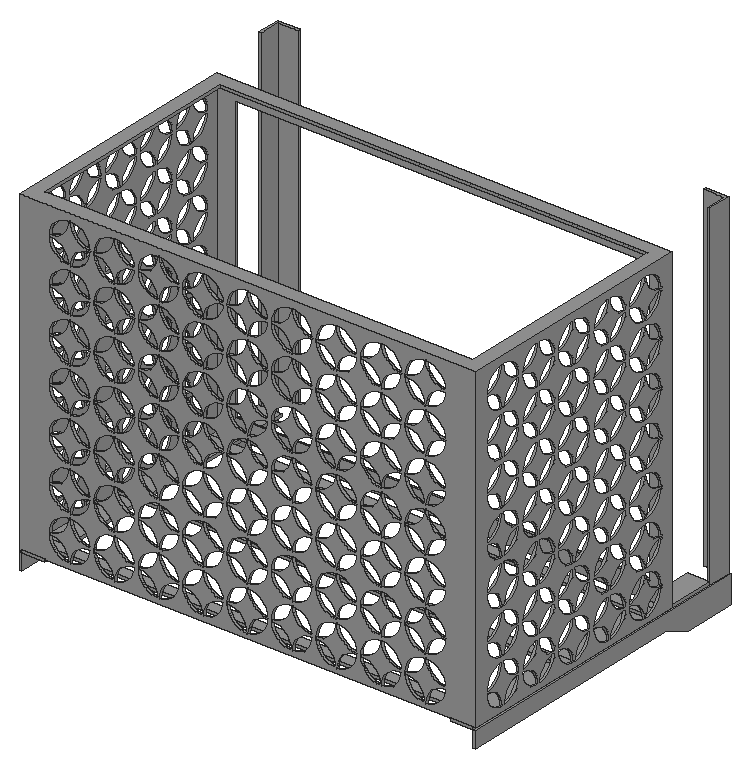
Revit family "22863 Корзина для кондиционера «Парадигма» Хоббика", category Антураж, Revit 2018
Family settings
  На основе рабочей плоскости = Нет
  Всегда вертикально = Да
  При загрузке вырезать с полостями = Нет
  Источник визуального образа = Геометрия семейства
  Общий = Нет
  Точка расчета площади = Нет
Parameters (values of type "Корзина для кондиционера «Парадигма»")
  Ширина = 700 mm  # constant formula
  Цвет каркаса = Сталь
  Описание = "Корзина для кондиционера «Парадигма»"  # constant formula
  Материал изделия = "Сталь"  # constant formula
  Изображение типоразмера = Корзина для кондиционера «Парадигма» Арт 22863.jpg
  Изготовитель = "ООО «Хоббика»"  # constant formula
  Длина = 1000 mm  # constant formula
  Группа модели = "Корзины для кондиционеров"  # constant formula
  Высота = 800 mm  # constant formula
  Артикул товара = "Арт. 22863"  # constant formula
  URL = "https://hobbyka.ru/product/korzina_dlya_konditsionera_paradigma/"
Reference planes
  plane 1 "По центру (Вперед/Назад)": y = 0
  plane 2: z = 0
  plane 3 "По центру (Влево/Вправо)": x = 0
  plane 4: x = 1000
  plane 5: y = 700
  plane 6: z = 800
Forms (mm)
  Extrusion 1, solid, material "Сталь" <- "Цвет каркаса"
    sketch origin (0, 0, 0) x (1, 0, 0) y (0, 1, 0)
      loop
        line (5, 700) -> (5, 650) -> (10, 650) -> (10, 695) -> (55, 695) -> (55, 700) -> (5, 700)
      loop
        line (995, 700) -> (945, 700) -> (945, 695) -> (990, 695) -> (990, 650) -> (995, 650) -> (995, 700)
    from 60 to 800
  Extrusion 2, solid, material "Сталь" <- "Цвет каркаса"
    sketch origin (0, 0, 60) x (0, 1, 0) y (0, 0, 1)
      loop
        line (700, 0) -> (0, 0) -> (0, -35) -> (525, -35) -> (585, -60) -> (700, -60) -> (700, 0)
    from 0 to 5
  Extrusion 3, solid, material "Сталь" <- "Цвет каркаса"
    sketch origin (0, 0, 60) x (0, 1, 0) y (0, 0, 1)
      loop
        line (700, 0) -> (0, 0) -> (0, -35) -> (525, -35) -> (585, -60) -> (700, -60) -> (700, 0)
    from 995 to 1000
  Extrusion 4, solid, material "Сталь" <- "Цвет каркаса"
    sketch origin (0, 0, 65) x (1, 0, 0) y (0, 0, 1)
      loop
        line (5, 0) -> (5, -5) -> (55, -5) -> (55, 0) -> (5, 0)
      loop
        line (945, 0) -> (945, -5) -> (995, -5) -> (995, 0) -> (945, 0)
    from 0 to -650
  Extrusion 5, solid, material "Сталь" <- "Цвет каркаса"
    sketch origin (0, 0, 0) x (1, 0, 0) y (0, 1, 0)
      loop
        line (0, 540) -> (0, 0) -> (1000, 0) -> (1000, 540) -> (0, 540)
      loop
        line (5, 535) -> (5, 5) -> (995, 5) -> (995, 535) -> (5, 535)
    from 65 to 765
  Extrusion 6, solid, material "Сталь" <- "Цвет каркаса"
    sketch origin (0, 0, 65) x (1, 0, 0) y (0, 1, 0)
      loop
        line (5, 510) -> (5, 485) -> (995, 485) -> (995, 510) -> (5, 510)
    from 0 to 5
  Extrusion 7, solid, material "Сталь" <- "Цвет каркаса"
    sketch origin (0, -455, 65) x (1, 0, 0) y (0, 1, 0)
      loop
        line (5, 510) -> (5, 485) -> (995, 485) -> (995, 510) -> (5, 510)
    from 0 to 5
  Extrusion 8, solid, material "Сталь" <- "Цвет каркаса"
    sketch origin (0, -227.5, 65) x (1, 0, 0) y (0, 1, 0)
      loop
        line (5, 510) -> (5, 485) -> (995, 485) -> (995, 510) -> (5, 510)
    from 0 to 5
  Extrusion 9, solid, material "Сталь" <- "Цвет каркаса"
    sketch origin (0, 0, 0) x (1, 0, 0) y (0, 1, 0)
      loop
        line (5, 535) -> (5, 5) -> (995, 5) -> (995, 535) -> (5, 535)
      loop
        line (30, 510) -> (30, 30) -> (970, 30) -> (970, 510) -> (30, 510)
    from 760 to 765
  Extrusion 10, void
    sketch origin (0, 0, 0) x (1, 0, 0) y (0, 0, 1)
      loop
        line (45, 728.309) -> (45, 104.644) -> (955, 104.644) -> (955, 728.309) -> (45, 728.309)
    from -540 to -535
  Extrusion 11, void
    sketch origin (0, 0, 0) x (0, 1, 0) y (0, 0, 1)
      loop
        arc (465.426, 749.962) -> (478.463, 718.489) -> (509.936, 705.452) r 44.51
        arc (509.936, 705.452) -> (496.763, 736.789) -> (465.426, 749.962) r 44.984
      loop
        arc (509.926, 704.07) -> (478.811, 691.181) -> (465.923, 660.067) r 44.003
        arc (465.923, 660.067) -> (496.749, 673.244) -> (509.926, 704.07) r 45.03
      loop
        arc (464.077, 660.064) -> (451.189, 691.179) -> (420.074, 704.068) r 44.003
        arc (420.074, 704.068) -> (433.225, 673.215) -> (464.077, 660.064) r 44.933
      loop
        arc (464.081, 749.951) -> (433.263, 736.765) -> (420.078, 705.948) r 45.06
        arc (420.078, 705.948) -> (451.193, 718.836) -> (464.081, 749.951) r 44.003
      loop
        arc (367.926, 749.962) -> (380.963, 718.489) -> (412.436, 705.452) r 44.51
        arc (412.436, 705.452) -> (399.263, 736.789) -> (367.926, 749.962) r 44.984
      loop
        arc (412.426, 704.07) -> (381.311, 691.181) -> (368.423, 660.067) r 44.003
        arc (368.423, 660.067) -> (399.249, 673.244) -> (412.426, 704.07) r 45.03
      loop
        arc (366.577, 660.064) -> (353.689, 691.179) -> (322.574, 704.068) r 44.003
        arc (322.574, 704.068) -> (335.725, 673.215) -> (366.577, 660.064) r 44.933
      loop
        arc (366.581, 749.951) -> (335.763, 736.765) -> (322.578, 705.948) r 45.06
        arc (322.578, 705.948) -> (353.693, 718.836) -> (366.581, 749.951) r 44.003
      loop
        arc (270.426, 749.962) -> (283.463, 718.489) -> (314.936, 705.452) r 44.51
        arc (314.936, 705.452) -> (301.763, 736.789) -> (270.426, 749.962) r 44.984
      loop
        arc (314.926, 704.07) -> (283.811, 691.181) -> (270.923, 660.067) r 44.003
        arc (270.923, 660.067) -> (301.749, 673.244) -> (314.926, 704.07) r 45.03
      loop
        arc (269.077, 660.064) -> (256.189, 691.179) -> (225.074, 704.068) r 44.003
        arc (225.074, 704.068) -> (238.225, 673.215) -> (269.077, 660.064) r 44.933
      loop
        arc (269.081, 749.951) -> (238.263, 736.765) -> (225.078, 705.948) r 45.06
        arc (225.078, 705.948) -> (256.193, 718.836) -> (269.081, 749.951) r 44.003
      loop
        arc (172.926, 749.962) -> (185.963, 718.489) -> (217.436, 705.452) r 44.51
        arc (217.436, 705.452) -> (204.263, 736.789) -> (172.926, 749.962) r 44.984
      loop
        arc (217.426, 704.07) -> (186.311, 691.181) -> (173.423, 660.067) r 44.003
        arc (173.423, 660.067) -> (204.249, 673.244) -> (217.426, 704.07) r 45.03
      loop
        arc (171.577, 660.064) -> (158.689, 691.179) -> (127.574, 704.068) r 44.003
        arc (127.574, 704.068) -> (140.725, 673.215) -> (171.577, 660.064) r 44.933
      loop
        arc (171.581, 749.951) -> (140.763, 736.765) -> (127.578, 705.948) r 45.06
        arc (127.578, 705.948) -> (158.693, 718.836) -> (171.581, 749.951) r 44.003
      loop
        arc (75.426, 749.962) -> (88.463, 718.489) -> (119.936, 705.452) r 44.51
        arc (119.936, 705.452) -> (106.763, 736.789) -> (75.426, 749.962) r 44.984
      loop
        arc (119.926, 704.07) -> (88.811, 691.181) -> (75.923, 660.067) r 44.003
        arc (75.923, 660.067) -> (106.749, 673.244) -> (119.926, 704.07) r 45.03
      loop
        arc (74.077, 660.064) -> (61.189, 691.179) -> (30.074, 704.068) r 44.003
        arc (30.074, 704.068) -> (43.225, 673.215) -> (74.077, 660.064) r 44.933
      loop
        arc (74.081, 749.951) -> (43.263, 736.765) -> (30.078, 705.948) r 45.06
        arc (30.078, 705.948) -> (61.193, 718.836) -> (74.081, 749.951) r 44.003
      loop
        arc (465.416, 652.462) -> (478.453, 620.989) -> (509.926, 607.952) r 44.51
        arc (509.926, 607.952) -> (496.753, 639.289) -> (465.416, 652.462) r 44.984
      loop
        arc (509.916, 606.57) -> (478.802, 593.681) -> (465.913, 562.567) r 44.003
        arc (465.913, 562.567) -> (496.739, 575.744) -> (509.916, 606.57) r 45.03
      loop
        arc (464.067, 562.564) -> (451.179, 593.679) -> (420.064, 606.568) r 44.003
        arc (420.064, 606.568) -> (433.215, 575.715) -> (464.067, 562.564) r 44.933
      loop
        arc (464.071, 652.451) -> (433.254, 639.265) -> (420.068, 608.448) r 45.06
        arc (420.068, 608.448) -> (451.183, 621.336) -> (464.071, 652.451) r 44.003
      loop
        arc (367.916, 652.462) -> (380.953, 620.989) -> (412.426, 607.952) r 44.51
        arc (412.426, 607.952) -> (399.253, 639.289) -> (367.916, 652.462) r 44.984
      loop
        arc (412.416, 606.57) -> (381.302, 593.681) -> (368.413, 562.567) r 44.003
        arc (368.413, 562.567) -> (399.239, 575.744) -> (412.416, 606.57) r 45.03
      loop
        arc (366.567, 562.564) -> (353.679, 593.679) -> (322.564, 606.568) r 44.003
        arc (322.564, 606.568) -> (335.715, 575.715) -> (366.567, 562.564) r 44.933
      loop
        arc (366.571, 652.451) -> (335.754, 639.265) -> (322.568, 608.448) r 45.06
        arc (322.568, 608.448) -> (353.683, 621.336) -> (366.571, 652.451) r 44.003
      loop
        arc (270.416, 652.462) -> (283.453, 620.989) -> (314.926, 607.952) r 44.51
        arc (314.926, 607.952) -> (301.753, 639.289) -> (270.416, 652.462) r 44.984
      loop
        arc (314.916, 606.57) -> (283.802, 593.681) -> (270.913, 562.567) r 44.003
        arc (270.913, 562.567) -> (301.739, 575.744) -> (314.916, 606.57) r 45.03
      loop
        arc (269.067, 562.564) -> (256.179, 593.679) -> (225.064, 606.568) r 44.003
        arc (225.064, 606.568) -> (238.215, 575.715) -> (269.067, 562.564) r 44.933
      loop
        arc (269.071, 652.451) -> (238.254, 639.265) -> (225.068, 608.448) r 45.06
        arc (225.068, 608.448) -> (256.183, 621.336) -> (269.071, 652.451) r 44.003
      loop
        arc (172.916, 652.462) -> (185.953, 620.989) -> (217.426, 607.952) r 44.51
        arc (217.426, 607.952) -> (204.253, 639.289) -> (172.916, 652.462) r 44.984
      loop
        arc (217.416, 606.57) -> (186.302, 593.681) -> (173.413, 562.567) r 44.003
        arc (173.413, 562.567) -> (204.239, 575.744) -> (217.416, 606.57) r 45.03
      loop
        arc (171.567, 562.564) -> (158.679, 593.679) -> (127.564, 606.568) r 44.003
        arc (127.564, 606.568) -> (140.715, 575.715) -> (171.567, 562.564) r 44.933
      loop
        arc (171.571, 652.451) -> (140.754, 639.265) -> (127.568, 608.448) r 45.06
        arc (127.568, 608.448) -> (158.683, 621.336) -> (171.571, 652.451) r 44.003
      loop
        arc (75.416, 652.462) -> (88.453, 620.989) -> (119.926, 607.952) r 44.51
        arc (119.926, 607.952) -> (106.753, 639.289) -> (75.416, 652.462) r 44.984
      loop
        arc (119.916, 606.57) -> (88.802, 593.681) -> (75.913, 562.567) r 44.003
        arc (75.913, 562.567) -> (106.739, 575.744) -> (119.916, 606.57) r 45.03
      loop
        arc (74.067, 562.564) -> (61.179, 593.679) -> (30.064, 606.568) r 44.003
        arc (30.064, 606.568) -> (43.215, 575.715) -> (74.067, 562.564) r 44.933
      loop
        arc (74.071, 652.451) -> (43.254, 639.265) -> (30.068, 608.448) r 45.06
        arc (30.068, 608.448) -> (61.183, 621.336) -> (74.071, 652.451) r 44.003
      loop
        arc (465.416, 554.962) -> (478.453, 523.489) -> (509.926, 510.452) r 44.51
        arc (509.926, 510.452) -> (496.753, 541.789) -> (465.416, 554.962) r 44.984
      loop
        arc (509.916, 509.07) -> (478.802, 496.181) -> (465.913, 465.067) r 44.003
        arc (465.913, 465.067) -> (496.739, 478.244) -> (509.916, 509.07) r 45.03
      loop
        arc (464.067, 465.064) -> (451.179, 496.179) -> (420.064, 509.068) r 44.003
        arc (420.064, 509.068) -> (433.215, 478.215) -> (464.067, 465.064) r 44.933
      loop
        arc (464.071, 554.951) -> (433.254, 541.765) -> (420.068, 510.948) r 45.06
        arc (420.068, 510.948) -> (451.183, 523.836) -> (464.071, 554.951) r 44.003
      loop
        arc (367.916, 554.962) -> (380.953, 523.489) -> (412.426, 510.452) r 44.51
        arc (412.426, 510.452) -> (399.253, 541.789) -> (367.916, 554.962) r 44.984
      loop
        arc (412.416, 509.07) -> (381.302, 496.181) -> (368.413, 465.067) r 44.003
        arc (368.413, 465.067) -> (399.239, 478.244) -> (412.416, 509.07) r 45.03
      loop
        arc (366.567, 465.064) -> (353.679, 496.179) -> (322.564, 509.068) r 44.003
        arc (322.564, 509.068) -> (335.715, 478.215) -> (366.567, 465.064) r 44.933
      loop
        arc (366.571, 554.951) -> (335.754, 541.765) -> (322.568, 510.948) r 45.06
        arc (322.568, 510.948) -> (353.683, 523.836) -> (366.571, 554.951) r 44.003
      loop
        arc (270.416, 554.962) -> (283.453, 523.489) -> (314.926, 510.452) r 44.51
        arc (314.926, 510.452) -> (301.753, 541.789) -> (270.416, 554.962) r 44.984
      loop
        arc (314.916, 509.07) -> (283.802, 496.181) -> (270.913, 465.067) r 44.003
        arc (270.913, 465.067) -> (301.739, 478.244) -> (314.916, 509.07) r 45.03
      loop
        arc (269.067, 465.064) -> (256.179, 496.179) -> (225.064, 509.068) r 44.003
        arc (225.064, 509.068) -> (238.215, 478.215) -> (269.067, 465.064) r 44.933
      loop
        arc (269.071, 554.951) -> (238.254, 541.765) -> (225.068, 510.948) r 45.06
        arc (225.068, 510.948) -> (256.183, 523.836) -> (269.071, 554.951) r 44.003
      loop
        arc (172.916, 554.962) -> (185.953, 523.489) -> (217.426, 510.452) r 44.51
        arc (217.426, 510.452) -> (204.253, 541.789) -> (172.916, 554.962) r 44.984
      loop
        arc (217.416, 509.07) -> (186.302, 496.181) -> (173.413, 465.067) r 44.003
        arc (173.413, 465.067) -> (204.239, 478.244) -> (217.416, 509.07) r 45.03
      loop
        arc (171.567, 465.064) -> (158.679, 496.179) -> (127.564, 509.068) r 44.003
        arc (127.564, 509.068) -> (140.715, 478.215) -> (171.567, 465.064) r 44.933
      loop
        arc (171.571, 554.951) -> (140.754, 541.765) -> (127.568, 510.948) r 45.06
        arc (127.568, 510.948) -> (158.683, 523.836) -> (171.571, 554.951) r 44.003
      loop
        arc (75.416, 554.962) -> (88.453, 523.489) -> (119.926, 510.452) r 44.51
        arc (119.926, 510.452) -> (106.753, 541.789) -> (75.416, 554.962) r 44.984
      loop
        arc (119.916, 509.07) -> (88.802, 496.181) -> (75.913, 465.067) r 44.003
        arc (75.913, 465.067) -> (106.739, 478.244) -> (119.916, 509.07) r 45.03
      loop
        arc (74.067, 465.064) -> (61.179, 496.179) -> (30.064, 509.068) r 44.003
        arc (30.064, 509.068) -> (43.215, 478.215) -> (74.067, 465.064) r 44.933
      loop
        arc (74.071, 554.951) -> (43.254, 541.765) -> (30.068, 510.948) r 45.06
        arc (30.068, 510.948) -> (61.183, 523.836) -> (74.071, 554.951) r 44.003
      loop
        arc (465.416, 457.462) -> (478.453, 425.989) -> (509.926, 412.952) r 44.51
        arc (509.926, 412.952) -> (496.753, 444.289) -> (465.416, 457.462) r 44.984
      loop
        arc (509.916, 411.57) -> (478.802, 398.681) -> (465.913, 367.567) r 44.003
        arc (465.913, 367.567) -> (496.739, 380.744) -> (509.916, 411.57) r 45.03
      loop
        arc (464.067, 367.564) -> (451.179, 398.679) -> (420.064, 411.568) r 44.003
        arc (420.064, 411.568) -> (433.215, 380.715) -> (464.067, 367.564) r 44.933
      loop
        arc (464.071, 457.451) -> (433.254, 444.265) -> (420.068, 413.448) r 45.06
        arc (420.068, 413.448) -> (451.183, 426.336) -> (464.071, 457.451) r 44.003
      loop
        arc (367.916, 457.462) -> (380.953, 425.989) -> (412.426, 412.952) r 44.51
        arc (412.426, 412.952) -> (399.253, 444.289) -> (367.916, 457.462) r 44.984
      loop
        arc (412.416, 411.57) -> (381.302, 398.681) -> (368.413, 367.567) r 44.003
        arc (368.413, 367.567) -> (399.239, 380.744) -> (412.416, 411.57) r 45.03
      loop
        arc (366.567, 367.564) -> (353.679, 398.679) -> (322.564, 411.568) r 44.003
        arc (322.564, 411.568) -> (335.715, 380.715) -> (366.567, 367.564) r 44.933
      loop
        arc (366.571, 457.451) -> (335.754, 444.265) -> (322.568, 413.448) r 45.06
        arc (322.568, 413.448) -> (353.683, 426.336) -> (366.571, 457.451) r 44.003
      loop
        arc (270.416, 457.462) -> (283.453, 425.989) -> (314.926, 412.952) r 44.51
        arc (314.926, 412.952) -> (301.753, 444.289) -> (270.416, 457.462) r 44.984
      loop
        arc (314.916, 411.57) -> (283.802, 398.681) -> (270.913, 367.567) r 44.003
        arc (270.913, 367.567) -> (301.739, 380.744) -> (314.916, 411.57) r 45.03
      loop
        arc (269.067, 367.564) -> (256.179, 398.679) -> (225.064, 411.568) r 44.003
        arc (225.064, 411.568) -> (238.215, 380.715) -> (269.067, 367.564) r 44.933
      loop
        arc (269.071, 457.451) -> (238.254, 444.265) -> (225.068, 413.448) r 45.06
        arc (225.068, 413.448) -> (256.183, 426.336) -> (269.071, 457.451) r 44.003
      loop
        arc (172.916, 457.462) -> (185.953, 425.989) -> (217.426, 412.952) r 44.51
        arc (217.426, 412.952) -> (204.253, 444.289) -> (172.916, 457.462) r 44.984
      loop
        arc (217.416, 411.57) -> (186.302, 398.681) -> (173.413, 367.567) r 44.003
        arc (173.413, 367.567) -> (204.239, 380.744) -> (217.416, 411.57) r 45.03
      loop
        arc (171.567, 367.564) -> (158.679, 398.679) -> (127.564, 411.568) r 44.003
        arc (127.564, 411.568) -> (140.715, 380.715) -> (171.567, 367.564) r 44.933
      loop
        arc (171.571, 457.451) -> (140.754, 444.265) -> (127.568, 413.448) r 45.06
        arc (127.568, 413.448) -> (158.683, 426.336) -> (171.571, 457.451) r 44.003
      loop
        arc (75.416, 457.462) -> (88.453, 425.989) -> (119.926, 412.952) r 44.51
        arc (119.926, 412.952) -> (106.753, 444.289) -> (75.416, 457.462) r 44.984
      loop
        arc (119.916, 411.57) -> (88.802, 398.681) -> (75.913, 367.567) r 44.003
        arc (75.913, 367.567) -> (106.739, 380.744) -> (119.916, 411.57) r 45.03
      loop
        arc (74.067, 367.564) -> (61.179, 398.679) -> (30.064, 411.568) r 44.003
        arc (30.064, 411.568) -> (43.215, 380.715) -> (74.067, 367.564) r 44.933
      loop
        arc (74.071, 457.451) -> (43.254, 444.265) -> (30.068, 413.448) r 45.06
        arc (30.068, 413.448) -> (61.183, 426.336) -> (74.071, 457.451) r 44.003
      loop
        arc (465.416, 359.962) -> (478.453, 328.489) -> (509.926, 315.452) r 44.51
        arc (509.926, 315.452) -> (496.753, 346.789) -> (465.416, 359.962) r 44.984
      loop
        arc (509.916, 314.07) -> (478.802, 301.181) -> (465.913, 270.067) r 44.003
        arc (465.913, 270.067) -> (496.739, 283.244) -> (509.916, 314.07) r 45.03
      loop
        arc (464.067, 270.064) -> (451.179, 301.179) -> (420.064, 314.068) r 44.003
        arc (420.064, 314.068) -> (433.215, 283.215) -> (464.067, 270.064) r 44.933
      loop
        arc (464.071, 359.951) -> (433.254, 346.765) -> (420.068, 315.948) r 45.06
        arc (420.068, 315.948) -> (451.183, 328.836) -> (464.071, 359.951) r 44.003
      loop
        arc (367.916, 359.962) -> (380.953, 328.489) -> (412.426, 315.452) r 44.51
        arc (412.426, 315.452) -> (399.253, 346.789) -> (367.916, 359.962) r 44.984
      loop
        arc (412.416, 314.07) -> (381.302, 301.181) -> (368.413, 270.067) r 44.003
        arc (368.413, 270.067) -> (399.239, 283.244) -> (412.416, 314.07) r 45.03
      loop
        arc (366.567, 270.064) -> (353.679, 301.179) -> (322.564, 314.068) r 44.003
        arc (322.564, 314.068) -> (335.715, 283.215) -> (366.567, 270.064) r 44.933
      loop
        arc (366.571, 359.951) -> (335.754, 346.765) -> (322.568, 315.948) r 45.06
        arc (322.568, 315.948) -> (353.683, 328.836) -> (366.571, 359.951) r 44.003
      loop
        arc (270.416, 359.962) -> (283.453, 328.489) -> (314.926, 315.452) r 44.51
        arc (314.926, 315.452) -> (301.753, 346.789) -> (270.416, 359.962) r 44.984
      loop
        arc (314.916, 314.07) -> (283.802, 301.181) -> (270.913, 270.067) r 44.003
        arc (270.913, 270.067) -> (301.739, 283.244) -> (314.916, 314.07) r 45.03
      loop
        arc (269.067, 270.064) -> (256.179, 301.179) -> (225.064, 314.068) r 44.003
        arc (225.064, 314.068) -> (238.215, 283.215) -> (269.067, 270.064) r 44.933
      loop
        arc (269.071, 359.951) -> (238.254, 346.765) -> (225.068, 315.948) r 45.06
        arc (225.068, 315.948) -> (256.183, 328.836) -> (269.071, 359.951) r 44.003
      loop
        arc (172.916, 359.962) -> (185.953, 328.489) -> (217.426, 315.452) r 44.51
        arc (217.426, 315.452) -> (204.253, 346.789) -> (172.916, 359.962) r 44.984
      loop
        arc (217.416, 314.07) -> (186.302, 301.181) -> (173.413, 270.067) r 44.003
        arc (173.413, 270.067) -> (204.239, 283.244) -> (217.416, 314.07) r 45.03
      loop
        arc (171.567, 270.064) -> (158.679, 301.179) -> (127.564, 314.068) r 44.003
        arc (127.564, 314.068) -> (140.715, 283.215) -> (171.567, 270.064) r 44.933
      loop
        arc (171.571, 359.951) -> (140.754, 346.765) -> (127.568, 315.948) r 45.06
        arc (127.568, 315.948) -> (158.683, 328.836) -> (171.571, 359.951) r 44.003
      loop
        arc (75.416, 359.962) -> (88.453, 328.489) -> (119.926, 315.452) r 44.51
        arc (119.926, 315.452) -> (106.753, 346.789) -> (75.416, 359.962) r 44.984
      loop
        arc (119.916, 314.07) -> (88.802, 301.181) -> (75.913, 270.067) r 44.003
        arc (75.913, 270.067) -> (106.739, 283.244) -> (119.916, 314.07) r 45.03
      loop
        arc (74.067, 270.064) -> (61.179, 301.179) -> (30.064, 314.068) r 44.003
        arc (30.064, 314.068) -> (43.215, 283.215) -> (74.067, 270.064) r 44.933
      loop
        arc (74.071, 359.951) -> (43.254, 346.765) -> (30.068, 315.948) r 45.06
        arc (30.068, 315.948) -> (61.183, 328.836) -> (74.071, 359.951) r 44.003
      loop
        arc (465.416, 262.462) -> (478.453, 230.989) -> (509.926, 217.952) r 44.51
        arc (509.926, 217.952) -> (496.753, 249.289) -> (465.416, 262.462) r 44.984
      loop
        arc (509.916, 216.57) -> (478.802, 203.681) -> (465.913, 172.567) r 44.003
        arc (465.913, 172.567) -> (496.739, 185.744) -> (509.916, 216.57) r 45.03
      loop
        arc (464.067, 172.564) -> (451.179, 203.679) -> (420.064, 216.568) r 44.003
        arc (420.064, 216.568) -> (433.215, 185.715) -> (464.067, 172.564) r 44.933
      loop
        arc (464.071, 262.451) -> (433.254, 249.265) -> (420.068, 218.448) r 45.06
        arc (420.068, 218.448) -> (451.183, 231.336) -> (464.071, 262.451) r 44.003
      loop
        arc (367.916, 262.462) -> (380.953, 230.989) -> (412.426, 217.952) r 44.51
        arc (412.426, 217.952) -> (399.253, 249.289) -> (367.916, 262.462) r 44.984
      loop
        arc (412.416, 216.57) -> (381.302, 203.681) -> (368.413, 172.567) r 44.003
        arc (368.413, 172.567) -> (399.239, 185.744) -> (412.416, 216.57) r 45.03
      loop
        arc (366.567, 172.564) -> (353.679, 203.679) -> (322.564, 216.568) r 44.003
        arc (322.564, 216.568) -> (335.715, 185.715) -> (366.567, 172.564) r 44.933
      loop
        arc (366.571, 262.451) -> (335.754, 249.265) -> (322.568, 218.448) r 45.06
        arc (322.568, 218.448) -> (353.683, 231.336) -> (366.571, 262.451) r 44.003
      loop
        arc (270.416, 262.462) -> (283.453, 230.989) -> (314.926, 217.952) r 44.51
        arc (314.926, 217.952) -> (301.753, 249.289) -> (270.416, 262.462) r 44.984
      loop
        arc (314.916, 216.57) -> (283.802, 203.681) -> (270.913, 172.567) r 44.003
        arc (270.913, 172.567) -> (301.739, 185.744) -> (314.916, 216.57) r 45.03
      loop
        arc (269.067, 172.564) -> (256.179, 203.679) -> (225.064, 216.568) r 44.003
        arc (225.064, 216.568) -> (238.215, 185.715) -> (269.067, 172.564) r 44.933
      loop
        arc (269.071, 262.451) -> (238.254, 249.265) -> (225.068, 218.448) r 45.06
        arc (225.068, 218.448) -> (256.183, 231.336) -> (269.071, 262.451) r 44.003
      loop
        arc (172.916, 262.462) -> (185.953, 230.989) -> (217.426, 217.952) r 44.51
        arc (217.426, 217.952) -> (204.253, 249.289) -> (172.916, 262.462) r 44.984
      loop
        arc (217.416, 216.57) -> (186.302, 203.681) -> (173.413, 172.567) r 44.003
        arc (173.413, 172.567) -> (204.239, 185.744) -> (217.416, 216.57) r 45.03
      loop
        arc (171.567, 172.564) -> (158.679, 203.679) -> (127.564, 216.568) r 44.003
        arc (127.564, 216.568) -> (140.715, 185.715) -> (171.567, 172.564) r 44.933
      loop
        arc (171.571, 262.451) -> (140.754, 249.265) -> (127.568, 218.448) r 45.06
        arc (127.568, 218.448) -> (158.683, 231.336) -> (171.571, 262.451) r 44.003
      loop
        arc (75.416, 262.462) -> (88.453, 230.989) -> (119.926, 217.952) r 44.51
        arc (119.926, 217.952) -> (106.753, 249.289) -> (75.416, 262.462) r 44.984
      loop
        arc (119.916, 216.57) -> (88.802, 203.681) -> (75.913, 172.567) r 44.003
        arc (75.913, 172.567) -> (106.739, 185.744) -> (119.916, 216.57) r 45.03
      loop
        arc (74.067, 172.564) -> (61.179, 203.679) -> (30.064, 216.568) r 44.003
        arc (30.064, 216.568) -> (43.215, 185.715) -> (74.067, 172.564) r 44.933
      loop
        arc (74.071, 262.451) -> (43.254, 249.265) -> (30.068, 218.448) r 45.06
        arc (30.068, 218.448) -> (61.183, 231.336) -> (74.071, 262.451) r 44.003
      loop
        arc (465.416, 164.962) -> (478.453, 133.489) -> (509.926, 120.452) r 44.51
        arc (509.926, 120.452) -> (496.753, 151.789) -> (465.416, 164.962) r 44.984
      loop
        arc (509.916, 119.07) -> (478.802, 106.181) -> (465.913, 75.067) r 44.003
        arc (465.913, 75.067) -> (496.739, 88.244) -> (509.916, 119.07) r 45.03
      loop
        arc (464.067, 75.064) -> (451.179, 106.179) -> (420.064, 119.068) r 44.003
        arc (420.064, 119.068) -> (433.215, 88.215) -> (464.067, 75.064) r 44.933
      loop
        arc (464.071, 164.951) -> (433.254, 151.765) -> (420.068, 120.948) r 45.06
        arc (420.068, 120.948) -> (451.183, 133.836) -> (464.071, 164.951) r 44.003
      loop
        arc (367.916, 164.962) -> (380.953, 133.489) -> (412.426, 120.452) r 44.51
        arc (412.426, 120.452) -> (399.253, 151.789) -> (367.916, 164.962) r 44.984
      loop
        arc (412.416, 119.07) -> (381.302, 106.181) -> (368.413, 75.067) r 44.003
        arc (368.413, 75.067) -> (399.239, 88.244) -> (412.416, 119.07) r 45.03
      loop
        arc (366.567, 75.064) -> (353.679, 106.179) -> (322.564, 119.068) r 44.003
        arc (322.564, 119.068) -> (335.715, 88.215) -> (366.567, 75.064) r 44.933
      loop
        arc (366.571, 164.951) -> (335.754, 151.765) -> (322.568, 120.948) r 45.06
        arc (322.568, 120.948) -> (353.683, 133.836) -> (366.571, 164.951) r 44.003
      loop
        arc (270.416, 164.962) -> (283.453, 133.489) -> (314.926, 120.452) r 44.51
        arc (314.926, 120.452) -> (301.753, 151.789) -> (270.416, 164.962) r 44.984
      loop
        arc (314.916, 119.07) -> (283.802, 106.181) -> (270.913, 75.067) r 44.003
        arc (270.913, 75.067) -> (301.739, 88.244) -> (314.916, 119.07) r 45.03
      loop
        arc (269.067, 75.064) -> (256.179, 106.179) -> (225.064, 119.068) r 44.003
        arc (225.064, 119.068) -> (238.215, 88.215) -> (269.067, 75.064) r 44.933
      loop
        arc (269.071, 164.951) -> (238.254, 151.765) -> (225.068, 120.948) r 45.06
        arc (225.068, 120.948) -> (256.183, 133.836) -> (269.071, 164.951) r 44.003
      loop
        arc (172.916, 164.962) -> (185.953, 133.489) -> (217.426, 120.452) r 44.51
        arc (217.426, 120.452) -> (204.253, 151.789) -> (172.916, 164.962) r 44.984
      loop
        arc (217.416, 119.07) -> (186.302, 106.181) -> (173.413, 75.067) r 44.003
        arc (173.413, 75.067) -> (204.239, 88.244) -> (217.416, 119.07) r 45.03
      loop
        arc (171.567, 75.064) -> (158.679, 106.179) -> (127.564, 119.068) r 44.003
        arc (127.564, 119.068) -> (140.715, 88.215) -> (171.567, 75.064) r 44.933
      loop
        arc (171.571, 164.951) -> (140.754, 151.765) -> (127.568, 120.948) r 45.06
        arc (127.568, 120.948) -> (158.683, 133.836) -> (171.571, 164.951) r 44.003
      loop
        arc (75.416, 164.962) -> (88.453, 133.489) -> (119.926, 120.452) r 44.51
        arc (119.926, 120.452) -> (106.753, 151.789) -> (75.416, 164.962) r 44.984
      loop
        arc (119.916, 119.07) -> (88.802, 106.181) -> (75.913, 75.067) r 44.003
        arc (75.913, 75.067) -> (106.739, 88.244) -> (119.916, 119.07) r 45.03
      loop
        arc (74.067, 75.064) -> (61.179, 106.179) -> (30.064, 119.068) r 44.003
        arc (30.064, 119.068) -> (43.215, 88.215) -> (74.067, 75.064) r 44.933
      loop
        arc (74.071, 164.951) -> (43.254, 151.765) -> (30.068, 120.948) r 45.06
        arc (30.068, 120.948) -> (61.183, 133.836) -> (74.071, 164.951) r 44.003
    from 0 to 1000
  Extrusion 12, void
    sketch origin (230, 770, 0) x (1, 0, 0) y (0, 0, 1)
      loop
        arc (465.301, 749.962) -> (478.338, 718.489) -> (509.811, 705.452) r 44.51
        arc (509.811, 705.452) -> (496.638, 736.789) -> (465.301, 749.962) r 44.984
      loop
        arc (509.801, 704.07) -> (478.686, 691.181) -> (465.798, 660.067) r 44.003
        arc (465.798, 660.067) -> (496.623, 673.244) -> (509.801, 704.07) r 45.03
      loop
        arc (463.952, 660.064) -> (451.064, 691.179) -> (419.949, 704.068) r 44.003
        arc (419.949, 704.068) -> (433.1, 673.215) -> (463.952, 660.064) r 44.933
      loop
        arc (463.955, 749.951) -> (433.138, 736.765) -> (419.953, 705.948) r 45.06
        arc (419.953, 705.948) -> (451.067, 718.836) -> (463.955, 749.951) r 44.003
      loop
        arc (367.801, 749.962) -> (380.838, 718.489) -> (412.311, 705.452) r 44.51
        arc (412.311, 705.452) -> (399.138, 736.789) -> (367.801, 749.962) r 44.984
      loop
        arc (412.301, 704.07) -> (381.186, 691.181) -> (368.298, 660.067) r 44.003
        arc (368.298, 660.067) -> (399.123, 673.244) -> (412.301, 704.07) r 45.03
      loop
        arc (366.452, 660.064) -> (353.564, 691.179) -> (322.449, 704.068) r 44.003
        arc (322.449, 704.068) -> (335.6, 673.215) -> (366.452, 660.064) r 44.933
      loop
        arc (366.455, 749.951) -> (335.638, 736.765) -> (322.453, 705.948) r 45.06
        arc (322.453, 705.948) -> (353.567, 718.836) -> (366.455, 749.951) r 44.003
      loop
        arc (269.835, 749.909) -> (283.115, 718.07) -> (315.082, 705.101) r 44.81
        arc (315.082, 705.101) -> (301.725, 736.863) -> (269.835, 749.909) r 45.074
      loop
        arc (314.914, 704.191) -> (283.495, 691.374) -> (270.454, 660.048) r 44.145
        arc (270.454, 660.048) -> (301.598, 673.142) -> (314.914, 704.191) r 45.109
      loop
        arc (268.952, 660.072) -> (256.204, 691.046) -> (225.345, 704.073) r 44.003
        arc (225.345, 704.073) -> (238.392, 673.395) -> (268.952, 660.072) r 45.077
      loop
        arc (269.029, 749.898) -> (238.209, 736.711) -> (225.022, 705.891) r 45.065
        arc (225.022, 705.891) -> (256.14, 718.78) -> (269.029, 749.898) r 44.007
      loop
        arc (172.801, 749.962) -> (185.838, 718.489) -> (217.311, 705.452) r 44.51
        arc (217.311, 705.452) -> (204.138, 736.789) -> (172.801, 749.962) r 44.984
      loop
        arc (217.301, 704.07) -> (186.186, 691.181) -> (173.298, 660.067) r 44.003
        arc (173.298, 660.067) -> (204.123, 673.244) -> (217.301, 704.07) r 45.03
      loop
        arc (171.452, 660.064) -> (158.564, 691.179) -> (127.449, 704.068) r 44.003
        arc (127.449, 704.068) -> (140.6, 673.215) -> (171.452, 660.064) r 44.933
      loop
        arc (171.455, 749.951) -> (140.638, 736.765) -> (127.453, 705.948) r 45.06
        arc (127.453, 705.948) -> (158.567, 718.836) -> (171.455, 749.951) r 44.003
      loop
        arc (75.301, 749.962) -> (88.338, 718.489) -> (119.811, 705.452) r 44.51
        arc (119.811, 705.452) -> (106.638, 736.789) -> (75.301, 749.962) r 44.984
      loop
        arc (119.801, 704.07) -> (88.686, 691.181) -> (75.798, 660.067) r 44.003
        arc (75.798, 660.067) -> (106.623, 673.244) -> (119.801, 704.07) r 45.03
      loop
        arc (73.952, 660.064) -> (61.064, 691.179) -> (29.949, 704.068) r 44.003
        arc (29.949, 704.068) -> (43.1, 673.215) -> (73.952, 660.064) r 44.933
      loop
        arc (73.955, 749.951) -> (43.138, 736.765) -> (29.953, 705.948) r 45.06
        arc (29.953, 705.948) -> (61.067, 718.836) -> (73.955, 749.951) r 44.003
      loop
        arc (465.291, 652.462) -> (478.328, 620.989) -> (509.801, 607.952) r 44.51
        arc (509.801, 607.952) -> (496.628, 639.289) -> (465.291, 652.462) r 44.984
      loop
        arc (509.791, 606.57) -> (478.676, 593.681) -> (465.788, 562.567) r 44.003
        arc (465.788, 562.567) -> (496.614, 575.744) -> (509.791, 606.57) r 45.03
      loop
        arc (463.942, 562.564) -> (451.054, 593.679) -> (419.939, 606.568) r 44.003
        arc (419.939, 606.568) -> (433.09, 575.715) -> (463.942, 562.564) r 44.933
      loop
        arc (463.946, 652.451) -> (433.128, 639.265) -> (419.943, 608.448) r 45.06
        arc (419.943, 608.448) -> (451.057, 621.336) -> (463.946, 652.451) r 44.003
      loop
        arc (367.791, 652.462) -> (380.828, 620.989) -> (412.301, 607.952) r 44.51
        arc (412.301, 607.952) -> (399.128, 639.289) -> (367.791, 652.462) r 44.984
      loop
        arc (412.291, 606.57) -> (381.176, 593.681) -> (368.288, 562.567) r 44.003
        arc (368.288, 562.567) -> (399.114, 575.744) -> (412.291, 606.57) r 45.03
      loop
        arc (366.442, 562.564) -> (353.554, 593.679) -> (322.439, 606.568) r 44.003
        arc (322.439, 606.568) -> (335.59, 575.715) -> (366.442, 562.564) r 44.933
      loop
        arc (366.446, 652.451) -> (335.628, 639.265) -> (322.443, 608.448) r 45.06
        arc (322.443, 608.448) -> (353.557, 621.336) -> (366.446, 652.451) r 44.003
      loop
        arc (270.291, 652.462) -> (283.328, 620.989) -> (314.801, 607.952) r 44.51
        arc (314.801, 607.952) -> (301.628, 639.289) -> (270.291, 652.462) r 44.984
      loop
        arc (314.791, 606.57) -> (283.676, 593.681) -> (270.788, 562.567) r 44.003
        arc (270.788, 562.567) -> (301.614, 575.744) -> (314.791, 606.57) r 45.03
      loop
        arc (268.942, 562.564) -> (256.054, 593.679) -> (224.939, 606.568) r 44.003
        arc (224.939, 606.568) -> (238.09, 575.715) -> (268.942, 562.564) r 44.933
      loop
        arc (268.946, 652.451) -> (238.128, 639.265) -> (224.943, 608.448) r 45.06
        arc (224.943, 608.448) -> (256.057, 621.336) -> (268.946, 652.451) r 44.003
      loop
        arc (172.791, 652.462) -> (185.828, 620.989) -> (217.301, 607.952) r 44.51
        arc (217.301, 607.952) -> (204.128, 639.289) -> (172.791, 652.462) r 44.984
      loop
        arc (217.291, 606.57) -> (186.176, 593.681) -> (173.288, 562.567) r 44.003
        arc (173.288, 562.567) -> (204.114, 575.744) -> (217.291, 606.57) r 45.03
      loop
        arc (171.442, 562.564) -> (158.554, 593.679) -> (127.439, 606.568) r 44.003
        arc (127.439, 606.568) -> (140.59, 575.715) -> (171.442, 562.564) r 44.933
      loop
        arc (171.446, 652.451) -> (140.628, 639.265) -> (127.443, 608.448) r 45.06
        arc (127.443, 608.448) -> (158.557, 621.336) -> (171.446, 652.451) r 44.003
      loop
        arc (75.291, 652.462) -> (88.328, 620.989) -> (119.801, 607.952) r 44.51
        arc (119.801, 607.952) -> (106.628, 639.289) -> (75.291, 652.462) r 44.984
      loop
        arc (119.791, 606.57) -> (88.676, 593.681) -> (75.788, 562.567) r 44.003
        arc (75.788, 562.567) -> (106.614, 575.744) -> (119.791, 606.57) r 45.03
      loop
        arc (73.942, 562.564) -> (61.054, 593.679) -> (29.939, 606.568) r 44.003
        arc (29.939, 606.568) -> (43.09, 575.715) -> (73.942, 562.564) r 44.933
      loop
        arc (73.946, 652.451) -> (43.128, 639.265) -> (29.943, 608.448) r 45.06
        arc (29.943, 608.448) -> (61.057, 621.336) -> (73.946, 652.451) r 44.003
      loop
        arc (465.291, 554.962) -> (478.328, 523.489) -> (509.801, 510.452) r 44.51
        arc (509.801, 510.452) -> (496.628, 541.789) -> (465.291, 554.962) r 44.984
      loop
        arc (509.791, 509.07) -> (478.676, 496.181) -> (465.788, 465.067) r 44.003
        arc (465.788, 465.067) -> (496.614, 478.244) -> (509.791, 509.07) r 45.03
      loop
        arc (463.942, 465.064) -> (451.054, 496.179) -> (419.939, 509.068) r 44.003
        arc (419.939, 509.068) -> (433.09, 478.215) -> (463.942, 465.064) r 44.933
      loop
        arc (463.946, 554.951) -> (433.128, 541.765) -> (419.943, 510.948) r 45.06
        arc (419.943, 510.948) -> (451.057, 523.836) -> (463.946, 554.951) r 44.003
      loop
        arc (367.791, 554.962) -> (380.828, 523.489) -> (412.301, 510.452) r 44.51
        arc (412.301, 510.452) -> (399.128, 541.789) -> (367.791, 554.962) r 44.984
      loop
        arc (412.291, 509.07) -> (381.176, 496.181) -> (368.288, 465.067) r 44.003
        arc (368.288, 465.067) -> (399.114, 478.244) -> (412.291, 509.07) r 45.03
      loop
        arc (366.442, 465.064) -> (353.554, 496.179) -> (322.439, 509.068) r 44.003
        arc (322.439, 509.068) -> (335.59, 478.215) -> (366.442, 465.064) r 44.933
      loop
        arc (366.446, 554.951) -> (335.628, 541.765) -> (322.443, 510.948) r 45.06
        arc (322.443, 510.948) -> (353.557, 523.836) -> (366.446, 554.951) r 44.003
      loop
        arc (270.291, 554.962) -> (283.328, 523.489) -> (314.801, 510.452) r 44.51
        arc (314.801, 510.452) -> (301.628, 541.789) -> (270.291, 554.962) r 44.984
      loop
        arc (314.791, 509.07) -> (283.676, 496.181) -> (270.788, 465.067) r 44.003
        arc (270.788, 465.067) -> (301.614, 478.244) -> (314.791, 509.07) r 45.03
      loop
        arc (268.942, 465.064) -> (256.054, 496.179) -> (224.939, 509.068) r 44.003
        arc (224.939, 509.068) -> (238.09, 478.215) -> (268.942, 465.064) r 44.933
      loop
        arc (268.946, 554.951) -> (238.128, 541.765) -> (224.943, 510.948) r 45.06
        arc (224.943, 510.948) -> (256.057, 523.836) -> (268.946, 554.951) r 44.003
      loop
        arc (172.791, 554.962) -> (185.828, 523.489) -> (217.301, 510.452) r 44.51
        arc (217.301, 510.452) -> (204.128, 541.789) -> (172.791, 554.962) r 44.984
      loop
        arc (217.291, 509.07) -> (186.176, 496.181) -> (173.288, 465.067) r 44.003
        arc (173.288, 465.067) -> (204.114, 478.244) -> (217.291, 509.07) r 45.03
      loop
        arc (171.442, 465.064) -> (158.554, 496.179) -> (127.439, 509.068) r 44.003
        arc (127.439, 509.068) -> (140.59, 478.215) -> (171.442, 465.064) r 44.933
      loop
        arc (171.446, 554.951) -> (140.628, 541.765) -> (127.443, 510.948) r 45.06
        arc (127.443, 510.948) -> (158.557, 523.836) -> (171.446, 554.951) r 44.003
      loop
        arc (75.291, 554.962) -> (88.328, 523.489) -> (119.801, 510.452) r 44.51
        arc (119.801, 510.452) -> (106.628, 541.789) -> (75.291, 554.962) r 44.984
      loop
        arc (119.791, 509.07) -> (88.676, 496.181) -> (75.788, 465.067) r 44.003
        arc (75.788, 465.067) -> (106.614, 478.244) -> (119.791, 509.07) r 45.03
      loop
        arc (73.942, 465.064) -> (61.054, 496.179) -> (29.939, 509.068) r 44.003
        arc (29.939, 509.068) -> (43.09, 478.215) -> (73.942, 465.064) r 44.933
      loop
        arc (73.946, 554.951) -> (43.128, 541.765) -> (29.943, 510.948) r 45.06
        arc (29.943, 510.948) -> (61.057, 523.836) -> (73.946, 554.951) r 44.003
      loop
        arc (465.291, 457.462) -> (478.328, 425.989) -> (509.801, 412.952) r 44.51
        arc (509.801, 412.952) -> (496.628, 444.289) -> (465.291, 457.462) r 44.984
      loop
        arc (509.791, 411.57) -> (478.676, 398.681) -> (465.788, 367.567) r 44.003
        arc (465.788, 367.567) -> (496.614, 380.744) -> (509.791, 411.57) r 45.03
      loop
        arc (463.942, 367.564) -> (451.054, 398.679) -> (419.939, 411.568) r 44.003
        arc (419.939, 411.568) -> (433.09, 380.715) -> (463.942, 367.564) r 44.933
      loop
        arc (463.946, 457.451) -> (433.128, 444.265) -> (419.943, 413.448) r 45.06
        arc (419.943, 413.448) -> (451.057, 426.336) -> (463.946, 457.451) r 44.003
      loop
        arc (367.791, 457.462) -> (380.828, 425.989) -> (412.301, 412.952) r 44.51
        arc (412.301, 412.952) -> (399.128, 444.289) -> (367.791, 457.462) r 44.984
      loop
        arc (412.291, 411.57) -> (381.176, 398.681) -> (368.288, 367.567) r 44.003
        arc (368.288, 367.567) -> (399.114, 380.744) -> (412.291, 411.57) r 45.03
      loop
        arc (366.442, 367.564) -> (353.554, 398.679) -> (322.439, 411.568) r 44.003
        arc (322.439, 411.568) -> (335.59, 380.715) -> (366.442, 367.564) r 44.933
      loop
        arc (366.446, 457.451) -> (335.628, 444.265) -> (322.443, 413.448) r 45.06
        arc (322.443, 413.448) -> (353.557, 426.336) -> (366.446, 457.451) r 44.003
      loop
        arc (270.291, 457.462) -> (283.328, 425.989) -> (314.801, 412.952) r 44.51
        arc (314.801, 412.952) -> (301.628, 444.289) -> (270.291, 457.462) r 44.984
      loop
        arc (314.791, 411.57) -> (283.676, 398.681) -> (270.788, 367.567) r 44.003
        arc (270.788, 367.567) -> (301.614, 380.744) -> (314.791, 411.57) r 45.03
      loop
        arc (268.942, 367.564) -> (256.054, 398.679) -> (224.939, 411.568) r 44.003
        arc (224.939, 411.568) -> (238.09, 380.715) -> (268.942, 367.564) r 44.933
      loop
        arc (268.946, 457.451) -> (238.128, 444.265) -> (224.943, 413.448) r 45.06
        arc (224.943, 413.448) -> (256.057, 426.336) -> (268.946, 457.451) r 44.003
      loop
        arc (172.791, 457.462) -> (185.828, 425.989) -> (217.301, 412.952) r 44.51
        arc (217.301, 412.952) -> (204.128, 444.289) -> (172.791, 457.462) r 44.984
      loop
        arc (217.291, 411.57) -> (186.176, 398.681) -> (173.288, 367.567) r 44.003
        arc (173.288, 367.567) -> (204.114, 380.744) -> (217.291, 411.57) r 45.03
      loop
        arc (171.442, 367.564) -> (158.554, 398.679) -> (127.439, 411.568) r 44.003
        arc (127.439, 411.568) -> (140.59, 380.715) -> (171.442, 367.564) r 44.933
      loop
        arc (171.446, 457.451) -> (140.628, 444.265) -> (127.443, 413.448) r 45.06
        arc (127.443, 413.448) -> (158.557, 426.336) -> (171.446, 457.451) r 44.003
      loop
        arc (75.291, 457.462) -> (88.328, 425.989) -> (119.801, 412.952) r 44.51
        arc (119.801, 412.952) -> (106.628, 444.289) -> (75.291, 457.462) r 44.984
      loop
        arc (119.791, 411.57) -> (88.676, 398.681) -> (75.788, 367.567) r 44.003
        arc (75.788, 367.567) -> (106.614, 380.744) -> (119.791, 411.57) r 45.03
      loop
        arc (73.942, 367.564) -> (61.054, 398.679) -> (29.939, 411.568) r 44.003
        arc (29.939, 411.568) -> (43.09, 380.715) -> (73.942, 367.564) r 44.933
      loop
        arc (73.946, 457.451) -> (43.128, 444.265) -> (29.943, 413.448) r 45.06
        arc (29.943, 413.448) -> (61.057, 426.336) -> (73.946, 457.451) r 44.003
      loop
        arc (465.291, 359.962) -> (478.328, 328.489) -> (509.801, 315.452) r 44.51
        arc (509.801, 315.452) -> (496.628, 346.789) -> (465.291, 359.962) r 44.984
      loop
        arc (509.791, 314.07) -> (478.676, 301.181) -> (465.788, 270.067) r 44.003
        arc (465.788, 270.067) -> (496.614, 283.244) -> (509.791, 314.07) r 45.03
      loop
        arc (463.942, 270.064) -> (451.054, 301.179) -> (419.939, 314.068) r 44.003
        arc (419.939, 314.068) -> (433.09, 283.215) -> (463.942, 270.064) r 44.933
      loop
        arc (463.946, 359.951) -> (433.128, 346.765) -> (419.943, 315.948) r 45.06
        arc (419.943, 315.948) -> (451.057, 328.836) -> (463.946, 359.951) r 44.003
      loop
        arc (367.791, 359.962) -> (380.828, 328.489) -> (412.301, 315.452) r 44.51
        arc (412.301, 315.452) -> (399.128, 346.789) -> (367.791, 359.962) r 44.984
      loop
        arc (412.291, 314.07) -> (381.176, 301.181) -> (368.288, 270.067) r 44.003
        arc (368.288, 270.067) -> (399.114, 283.244) -> (412.291, 314.07) r 45.03
      loop
        arc (366.442, 270.064) -> (353.554, 301.179) -> (322.439, 314.068) r 44.003
        arc (322.439, 314.068) -> (335.59, 283.215) -> (366.442, 270.064) r 44.933
      loop
        arc (366.446, 359.951) -> (335.628, 346.765) -> (322.443, 315.948) r 45.06
        arc (322.443, 315.948) -> (353.557, 328.836) -> (366.446, 359.951) r 44.003
      loop
        arc (270.291, 359.962) -> (283.328, 328.489) -> (314.801, 315.452) r 44.51
        arc (314.801, 315.452) -> (301.628, 346.789) -> (270.291, 359.962) r 44.984
      loop
        arc (314.791, 314.07) -> (283.676, 301.181) -> (270.788, 270.067) r 44.003
        arc (270.788, 270.067) -> (301.614, 283.244) -> (314.791, 314.07) r 45.03
      loop
        arc (268.942, 270.064) -> (256.054, 301.179) -> (224.939, 314.068) r 44.003
        arc (224.939, 314.068) -> (238.09, 283.215) -> (268.942, 270.064) r 44.933
      loop
        arc (268.946, 359.951) -> (238.128, 346.765) -> (224.943, 315.948) r 45.06
        arc (224.943, 315.948) -> (256.057, 328.836) -> (268.946, 359.951) r 44.003
      loop
        arc (172.791, 359.962) -> (185.828, 328.489) -> (217.301, 315.452) r 44.51
        arc (217.301, 315.452) -> (204.128, 346.789) -> (172.791, 359.962) r 44.984
      loop
        arc (217.291, 314.07) -> (186.176, 301.181) -> (173.288, 270.067) r 44.003
        arc (173.288, 270.067) -> (204.114, 283.244) -> (217.291, 314.07) r 45.03
      loop
        arc (171.442, 270.064) -> (158.554, 301.179) -> (127.439, 314.068) r 44.003
        arc (127.439, 314.068) -> (140.59, 283.215) -> (171.442, 270.064) r 44.933
      loop
        arc (171.446, 359.951) -> (140.628, 346.765) -> (127.443, 315.948) r 45.06
        arc (127.443, 315.948) -> (158.557, 328.836) -> (171.446, 359.951) r 44.003
      loop
        arc (75.291, 359.962) -> (88.328, 328.489) -> (119.801, 315.452) r 44.51
        arc (119.801, 315.452) -> (106.628, 346.789) -> (75.291, 359.962) r 44.984
      loop
        arc (119.791, 314.07) -> (88.676, 301.181) -> (75.788, 270.067) r 44.003
        arc (75.788, 270.067) -> (106.614, 283.244) -> (119.791, 314.07) r 45.03
      loop
        arc (73.942, 270.064) -> (61.054, 301.179) -> (29.939, 314.068) r 44.003
        arc (29.939, 314.068) -> (43.09, 283.215) -> (73.942, 270.064) r 44.933
      loop
        arc (73.946, 359.951) -> (43.128, 346.765) -> (29.943, 315.948) r 45.06
        arc (29.943, 315.948) -> (61.057, 328.836) -> (73.946, 359.951) r 44.003
      loop
        arc (465.291, 262.462) -> (478.328, 230.989) -> (509.801, 217.952) r 44.51
        arc (509.801, 217.952) -> (496.628, 249.289) -> (465.291, 262.462) r 44.984
      loop
        arc (509.791, 216.57) -> (478.676, 203.681) -> (465.788, 172.567) r 44.003
        arc (465.788, 172.567) -> (496.614, 185.744) -> (509.791, 216.57) r 45.03
      loop
        arc (463.942, 172.564) -> (451.054, 203.679) -> (419.939, 216.568) r 44.003
        arc (419.939, 216.568) -> (433.09, 185.715) -> (463.942, 172.564) r 44.933
      loop
        arc (463.946, 262.451) -> (433.128, 249.265) -> (419.943, 218.448) r 45.06
        arc (419.943, 218.448) -> (451.057, 231.336) -> (463.946, 262.451) r 44.003
      loop
        arc (367.791, 262.462) -> (380.828, 230.989) -> (412.301, 217.952) r 44.51
        arc (412.301, 217.952) -> (399.128, 249.289) -> (367.791, 262.462) r 44.984
      loop
        arc (412.291, 216.57) -> (381.176, 203.681) -> (368.288, 172.567) r 44.003
        arc (368.288, 172.567) -> (399.114, 185.744) -> (412.291, 216.57) r 45.03
      loop
        arc (366.442, 172.564) -> (353.554, 203.679) -> (322.439, 216.568) r 44.003
        arc (322.439, 216.568) -> (335.59, 185.715) -> (366.442, 172.564) r 44.933
      loop
        arc (366.446, 262.451) -> (335.628, 249.265) -> (322.443, 218.448) r 45.06
        arc (322.443, 218.448) -> (353.557, 231.336) -> (366.446, 262.451) r 44.003
      loop
        arc (270.291, 262.462) -> (283.328, 230.989) -> (314.801, 217.952) r 44.51
        arc (314.801, 217.952) -> (301.628, 249.289) -> (270.291, 262.462) r 44.984
      loop
        arc (314.791, 216.57) -> (283.676, 203.681) -> (270.788, 172.567) r 44.003
        arc (270.788, 172.567) -> (301.614, 185.744) -> (314.791, 216.57) r 45.03
      loop
        arc (268.942, 172.564) -> (256.054, 203.679) -> (224.939, 216.568) r 44.003
        arc (224.939, 216.568) -> (238.09, 185.715) -> (268.942, 172.564) r 44.933
      loop
        arc (268.946, 262.451) -> (238.128, 249.265) -> (224.943, 218.448) r 45.06
        arc (224.943, 218.448) -> (256.057, 231.336) -> (268.946, 262.451) r 44.003
      loop
        arc (172.791, 262.462) -> (185.828, 230.989) -> (217.301, 217.952) r 44.51
        arc (217.301, 217.952) -> (204.128, 249.289) -> (172.791, 262.462) r 44.984
      loop
        arc (217.291, 216.57) -> (186.176, 203.681) -> (173.288, 172.567) r 44.003
        arc (173.288, 172.567) -> (204.114, 185.744) -> (217.291, 216.57) r 45.03
      loop
        arc (171.442, 172.564) -> (158.554, 203.679) -> (127.439, 216.568) r 44.003
        arc (127.439, 216.568) -> (140.59, 185.715) -> (171.442, 172.564) r 44.933
      loop
        arc (171.446, 262.451) -> (140.628, 249.265) -> (127.443, 218.448) r 45.06
        arc (127.443, 218.448) -> (158.557, 231.336) -> (171.446, 262.451) r 44.003
      loop
        arc (75.291, 262.462) -> (88.328, 230.989) -> (119.801, 217.952) r 44.51
        arc (119.801, 217.952) -> (106.628, 249.289) -> (75.291, 262.462) r 44.984
      loop
        arc (119.791, 216.57) -> (88.676, 203.681) -> (75.788, 172.567) r 44.003
        arc (75.788, 172.567) -> (106.614, 185.744) -> (119.791, 216.57) r 45.03
      loop
        arc (73.942, 172.564) -> (61.054, 203.679) -> (29.939, 216.568) r 44.003
        arc (29.939, 216.568) -> (43.09, 185.715) -> (73.942, 172.564) r 44.933
      loop
        arc (73.946, 262.451) -> (43.128, 249.265) -> (29.943, 218.448) r 45.06
        arc (29.943, 218.448) -> (61.057, 231.336) -> (73.946, 262.451) r 44.003
      loop
        arc (465.291, 164.962) -> (478.328, 133.489) -> (509.801, 120.452) r 44.51
        arc (509.801, 120.452) -> (496.628, 151.789) -> (465.291, 164.962) r 44.984
      loop
        arc (509.791, 119.07) -> (478.676, 106.181) -> (465.788, 75.067) r 44.003
        arc (465.788, 75.067) -> (496.614, 88.244) -> (509.791, 119.07) r 45.03
      loop
        arc (463.942, 75.064) -> (451.054, 106.179) -> (419.939, 119.068) r 44.003
        arc (419.939, 119.068) -> (433.09, 88.215) -> (463.942, 75.064) r 44.933
      loop
        arc (463.946, 164.951) -> (433.128, 151.765) -> (419.943, 120.948) r 45.06
        arc (419.943, 120.948) -> (451.057, 133.836) -> (463.946, 164.951) r 44.003
      loop
        arc (367.791, 164.962) -> (380.828, 133.489) -> (412.301, 120.452) r 44.51
        arc (412.301, 120.452) -> (399.128, 151.789) -> (367.791, 164.962) r 44.984
      loop
        arc (412.291, 119.07) -> (381.176, 106.181) -> (368.288, 75.067) r 44.003
        arc (368.288, 75.067) -> (399.114, 88.244) -> (412.291, 119.07) r 45.03
      loop
        arc (366.442, 75.064) -> (353.554, 106.179) -> (322.439, 119.068) r 44.003
        arc (322.439, 119.068) -> (335.59, 88.215) -> (366.442, 75.064) r 44.933
      loop
        arc (366.446, 164.951) -> (335.628, 151.765) -> (322.443, 120.948) r 45.06
        arc (322.443, 120.948) -> (353.557, 133.836) -> (366.446, 164.951) r 44.003
      loop
        arc (270.291, 164.962) -> (283.328, 133.489) -> (314.801, 120.452) r 44.51
        arc (314.801, 120.452) -> (301.628, 151.789) -> (270.291, 164.962) r 44.984
      loop
        arc (314.791, 119.07) -> (283.676, 106.181) -> (270.788, 75.067) r 44.003
        arc (270.788, 75.067) -> (301.614, 88.244) -> (314.791, 119.07) r 45.03
      loop
        arc (268.942, 75.064) -> (256.054, 106.179) -> (224.939, 119.068) r 44.003
        arc (224.939, 119.068) -> (238.09, 88.215) -> (268.942, 75.064) r 44.933
      loop
        arc (268.946, 164.951) -> (238.128, 151.765) -> (224.943, 120.948) r 45.06
        arc (224.943, 120.948) -> (256.057, 133.836) -> (268.946, 164.951) r 44.003
      loop
        arc (172.791, 164.962) -> (185.828, 133.489) -> (217.301, 120.452) r 44.51
        arc (217.301, 120.452) -> (204.128, 151.789) -> (172.791, 164.962) r 44.984
      loop
        arc (217.291, 119.07) -> (186.176, 106.181) -> (173.288, 75.067) r 44.003
        arc (173.288, 75.067) -> (204.114, 88.244) -> (217.291, 119.07) r 45.03
      loop
        arc (171.442, 75.064) -> (158.554, 106.179) -> (127.439, 119.068) r 44.003
        arc (127.439, 119.068) -> (140.59, 88.215) -> (171.442, 75.064) r 44.933
      loop
        arc (171.446, 164.951) -> (140.628, 151.765) -> (127.443, 120.948) r 45.06
        arc (127.443, 120.948) -> (158.557, 133.836) -> (171.446, 164.951) r 44.003
      loop
        arc (75.291, 164.962) -> (88.328, 133.489) -> (119.801, 120.452) r 44.51
        arc (119.801, 120.452) -> (106.628, 151.789) -> (75.291, 164.962) r 44.984
      loop
        arc (119.791, 119.07) -> (88.676, 106.181) -> (75.788, 75.067) r 44.003
        arc (75.788, 75.067) -> (106.614, 88.244) -> (119.791, 119.07) r 45.03
      loop
        arc (73.942, 75.064) -> (61.054, 106.179) -> (29.939, 119.068) r 44.003
        arc (29.939, 119.068) -> (43.09, 88.215) -> (73.942, 75.064) r 44.933
      loop
        arc (73.946, 164.951) -> (43.128, 151.765) -> (29.943, 120.948) r 45.06
        arc (29.943, 120.948) -> (61.057, 133.836) -> (73.946, 164.951) r 44.003
      loop
        arc (661.073, 749.962) -> (674.11, 718.489) -> (705.583, 705.452) r 44.51
        arc (705.583, 705.452) -> (692.41, 736.789) -> (661.073, 749.962) r 44.984
      loop
        arc (705.573, 704.07) -> (674.459, 691.181) -> (661.57, 660.067) r 44.003
        arc (661.57, 660.067) -> (692.396, 673.244) -> (705.573, 704.07) r 45.03
      loop
        arc (659.724, 660.064) -> (646.836, 691.179) -> (615.721, 704.068) r 44.003
        arc (615.721, 704.068) -> (628.872, 673.215) -> (659.724, 660.064) r 44.933
      loop
        arc (659.728, 749.951) -> (628.911, 736.765) -> (615.725, 705.948) r 45.06
        arc (615.725, 705.948) -> (646.84, 718.836) -> (659.728, 749.951) r 44.003
      loop
        arc (563.573, 749.962) -> (576.61, 718.489) -> (608.083, 705.452) r 44.51
        arc (608.083, 705.452) -> (594.91, 736.789) -> (563.573, 749.962) r 44.984
      loop
        arc (608.073, 704.07) -> (576.959, 691.181) -> (564.07, 660.067) r 44.003
        arc (564.07, 660.067) -> (594.896, 673.244) -> (608.073, 704.07) r 45.03
      loop
        arc (562.224, 660.064) -> (549.336, 691.179) -> (518.221, 704.068) r 44.003
        arc (518.221, 704.068) -> (531.372, 673.215) -> (562.224, 660.064) r 44.933
      loop
        arc (562.228, 749.951) -> (531.411, 736.765) -> (518.225, 705.948) r 45.06
        arc (518.225, 705.948) -> (549.34, 718.836) -> (562.228, 749.951) r 44.003
      loop
        arc (661.064, 652.462) -> (674.1, 620.989) -> (705.574, 607.952) r 44.51
        arc (705.574, 607.952) -> (692.401, 639.289) -> (661.064, 652.462) r 44.984
      loop
        arc (705.564, 606.57) -> (674.449, 593.681) -> (661.561, 562.567) r 44.003
        arc (661.561, 562.567) -> (692.386, 575.744) -> (705.564, 606.57) r 45.03
      loop
        arc (659.715, 562.564) -> (646.826, 593.679) -> (615.711, 606.568) r 44.003
        arc (615.711, 606.568) -> (628.862, 575.715) -> (659.715, 562.564) r 44.933
      loop
        arc (659.718, 652.451) -> (628.901, 639.265) -> (615.715, 608.448) r 45.06
        arc (615.715, 608.448) -> (646.83, 621.336) -> (659.718, 652.451) r 44.003
      loop
        arc (563.564, 652.462) -> (576.6, 620.989) -> (608.074, 607.952) r 44.51
        arc (608.074, 607.952) -> (594.901, 639.289) -> (563.564, 652.462) r 44.984
      loop
        arc (608.064, 606.57) -> (576.949, 593.681) -> (564.061, 562.567) r 44.003
        arc (564.061, 562.567) -> (594.886, 575.744) -> (608.064, 606.57) r 45.03
      loop
        arc (562.215, 562.564) -> (549.326, 593.679) -> (518.211, 606.568) r 44.003
        arc (518.211, 606.568) -> (531.362, 575.715) -> (562.215, 562.564) r 44.933
      loop
        arc (562.218, 652.451) -> (531.401, 639.265) -> (518.215, 608.448) r 45.06
        arc (518.215, 608.448) -> (549.33, 621.336) -> (562.218, 652.451) r 44.003
      loop
        arc (661.064, 554.962) -> (674.1, 523.489) -> (705.574, 510.452) r 44.51
        arc (705.574, 510.452) -> (692.401, 541.789) -> (661.064, 554.962) r 44.984
      loop
        arc (705.564, 509.07) -> (674.449, 496.181) -> (661.561, 465.067) r 44.003
        arc (661.561, 465.067) -> (692.386, 478.244) -> (705.564, 509.07) r 45.03
      loop
        arc (659.715, 465.064) -> (646.826, 496.179) -> (615.711, 509.068) r 44.003
        arc (615.711, 509.068) -> (628.862, 478.215) -> (659.715, 465.064) r 44.933
      loop
        arc (659.718, 554.951) -> (628.901, 541.765) -> (615.715, 510.948) r 45.06
        arc (615.715, 510.948) -> (646.83, 523.836) -> (659.718, 554.951) r 44.003
      loop
        arc (563.564, 554.962) -> (576.6, 523.489) -> (608.074, 510.452) r 44.51
        arc (608.074, 510.452) -> (594.901, 541.789) -> (563.564, 554.962) r 44.984
      loop
        arc (608.064, 509.07) -> (576.949, 496.181) -> (564.061, 465.067) r 44.003
        arc (564.061, 465.067) -> (594.886, 478.244) -> (608.064, 509.07) r 45.03
      loop
        arc (562.215, 465.064) -> (549.326, 496.179) -> (518.211, 509.068) r 44.003
        arc (518.211, 509.068) -> (531.362, 478.215) -> (562.215, 465.064) r 44.933
      loop
        arc (562.218, 554.951) -> (531.401, 541.765) -> (518.215, 510.948) r 45.06
        arc (518.215, 510.948) -> (549.33, 523.836) -> (562.218, 554.951) r 44.003
      loop
        arc (661.064, 457.462) -> (674.1, 425.989) -> (705.574, 412.952) r 44.51
        arc (705.574, 412.952) -> (692.401, 444.289) -> (661.064, 457.462) r 44.984
      loop
        arc (705.564, 411.57) -> (674.449, 398.681) -> (661.561, 367.567) r 44.003
        arc (661.561, 367.567) -> (692.386, 380.744) -> (705.564, 411.57) r 45.03
      loop
        arc (659.715, 367.564) -> (646.826, 398.679) -> (615.711, 411.568) r 44.003
        arc (615.711, 411.568) -> (628.862, 380.715) -> (659.715, 367.564) r 44.933
      loop
        arc (659.718, 457.451) -> (628.901, 444.265) -> (615.715, 413.448) r 45.06
        arc (615.715, 413.448) -> (646.83, 426.336) -> (659.718, 457.451) r 44.003
      loop
        arc (563.564, 457.462) -> (576.6, 425.989) -> (608.074, 412.952) r 44.51
        arc (608.074, 412.952) -> (594.901, 444.289) -> (563.564, 457.462) r 44.984
      loop
        arc (608.064, 411.57) -> (576.949, 398.681) -> (564.061, 367.567) r 44.003
        arc (564.061, 367.567) -> (594.886, 380.744) -> (608.064, 411.57) r 45.03
      loop
        arc (562.215, 367.564) -> (549.326, 398.679) -> (518.211, 411.568) r 44.003
        arc (518.211, 411.568) -> (531.362, 380.715) -> (562.215, 367.564) r 44.933
      loop
        arc (562.218, 457.451) -> (531.401, 444.265) -> (518.215, 413.448) r 45.06
